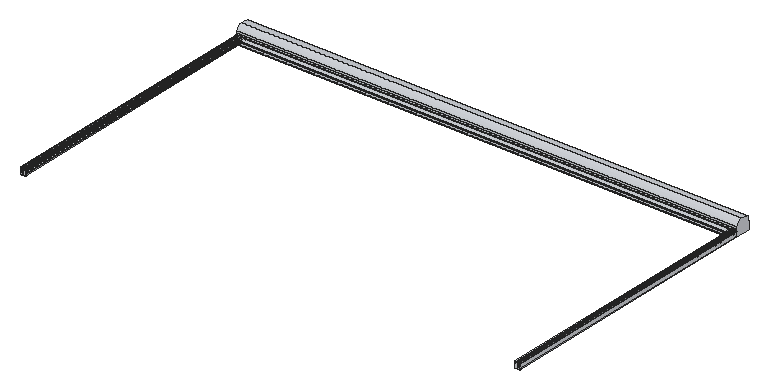
Revit family "StyRa® Zip Screen Z460", category Generic Models, host Face, Revit 2023
Family settings
  Host = Face
  Can host rebar = No
  Round Connector Dimension = Use Diameter
  Part Type = Normal
  Cut with Voids When Loaded = No
  Maintain Annotation Orientation = No
  Shared = No
  Room Calculation Point = No
Parameters (values of type "StyRa® Zip Screen Z460 Snäppskena")
  Öppet och Stängt Max [instance] = if(Öppet och Stängt > 3397 mm, 3397 mm, if(Öppet och Stängt < 50 mm, 50 mm, Öppet och Stängt))  # 50 mm
  Öppet och Stängt [instance] = 0 mm
  URL = "www.styrasolskydd.se"
  UK Kassett = 500 mm
  Tillverkare = "StyRa® & KD Solskydd AB"  # constant formula
  Telefon = "0586-401 20"  # constant formula
  Styrskena Screw [instance] = not(Styrskena Snap)  # no
  Styrskena Snap [instance] = yes
  Postadress = "693 33 Degerfors"  # constant formula
  Max Höjd [instance] = if(Höjd > 3500 mm, 3500 mm, if(Höjd < 100 mm, 100 mm, Höjd))  # 2000 mm
  Max Bredd [instance] = if(Bredd > 4000 mm, 4000 mm, if(Bredd < 100 mm, 100 mm, Bredd))  # 3500 mm
  Fronprofil Tung [instance] = not(Frontprofil Lätt)  # yes
  Frontprofil Lätt [instance] = no
  Kassett Round [instance] = not(Kassett Square)  # yes
  Kassett Square [instance] = no
  Höjd [instance] = 2000 mm
  E-post = "info@kdsolskydd.se"  # constant formula
  Default Elevation = 1219.2 mm
  Bredd [instance] = 3500 mm
  Adress = "Kranvägen 11"  # constant formula
Reference planes
  plane 1 "Center (Front/Back)": y = 0
  plane 2: z = 0
  plane 3 "Center (Left/Right)": x = 0
  plane 4 "Vänster Utsida": x = -1750
  plane 5 "Höger Utsida": x = 1750
  plane 6 "UK Kassett": y = 1897
  plane 7 "Öppet/Stängt": y = 1847
  plane 8: y = 0
  plane 9: y = 3800
  plane 10: x = -1713
  plane 11: x = 1713
  plane 12: x = 1713
  plane 13: z = 22.824
  plane 14: y = 2000
Forms (mm)
  Extrusion 1, solid
    sketch origin (0, 0, 17.824) x (1, 0, 0) y (0, 1, 0)
      loop
        line (-1723.903, 1847) -> (1723.779, 1847) -> (1723.779, 1897) -> (-1723.903, 1897) -> (-1723.903, 1847)
    from 4 to 5
Dimensions and locks
  equal spacing: plane 5 "Höger Utsida", plane 3 "Center (Left/Right)", plane 4 "Vänster Utsida"
  plane 5 "Höger Utsida" to plane 4 "Vänster Utsida" = 3500 mm
  "Max Bredd": plane 4 "Vänster Utsida" to plane 5 "Höger Utsida"
  equal spacing: plane 4 "Vänster Utsida", plane 3 "Center (Left/Right)", plane 5 "Höger Utsida"
  "Max Höjd": plane 14 to plane 1 "Center (Front/Back)"
  "Öppet och Stängt Max": plane 6 "UK Kassett" to plane 7 "Öppet/Stängt"
  plane 4 "Vänster Utsida" to plane 10 = 37 mm
  locked: plane 11 to plane 5 "Höger Utsida" at 37
  locked: plane 12 to plane 5 "Höger Utsida" at 37
  locked: plane 14 to plane 6 "UK Kassett" at 103
  aligned and locked: plane 2 to host face
  aligned and locked: level to host face
  aligned and locked: plane 5 "Höger Utsida" to nested 1
  aligned and locked: nested 1 to plane 4 "Vänster Utsida"
  aligned and locked: nested 1 to plane 6 "UK Kassett"
  aligned and locked: plane 5 "Höger Utsida" to nested 2
  aligned and locked: nested 2 to plane 4 "Vänster Utsida"
  aligned and locked: nested 2 to plane 6 "UK Kassett"
  aligned and locked: nested 5 to plane 6 "UK Kassett"  (x2)
  aligned and locked: nested 6 to plane 6 "UK Kassett"
  aligned and locked: plane 6 "UK Kassett" to nested 4
  aligned and locked: nested 6 to plane 5 "Höger Utsida"
  aligned and locked: nested 3 to plane 4 "Vänster Utsida"
  aligned and locked: plane 6 "UK Kassett" to nested 3  (x2)
  aligned and locked: nested 5 to plane 8
  aligned and locked: plane 8 to nested 3
  aligned and locked: nested 5 to plane 5 "Höger Utsida"
  aligned and locked: nested 8 to plane 7 "Öppet/Stängt"
  aligned and locked: nested 7 to plane 7 "Öppet/Stängt"
  aligned and locked: nested 4 to plane 10
  aligned and locked: plane 12 to nested 7
  aligned and locked: nested 8 to nested 4
  aligned and locked: plane 10 to nested 8
  aligned and locked: plane 10 to nested 7
  aligned and locked: plane 12 to nested 8
  aligned and locked: plane 14 to nested 2
  aligned and locked: nested 2 to plane 14
Automatic sketch dimensions
  host sketch curve to host sketch curve = 2438.4 mm  (x2)
  Extrusion 1 sketch curve to plane 7 "Öppet/Stängt" = 0 mm
  Extrusion 1 sketch curve to plane 6 "UK Kassett" = 0 mm
  plane 10 to Extrusion 1 sketch curve = 10.903 mm
  plane 11 to Extrusion 1 sketch curve = 10.779 mm
Nested families
  nested 1: "Kassett" at (0, 1897, 0), visible <- "Kassett Round", type "ZIP100 Basic"
    with Bredd 3500 mm
  nested 2: "Kassett" at (0, 1897, 0), visible <- "Kassett Square", type "ZIP100 Square"
    with Bredd 3500 mm
  nested 3: "Styrskena och Wire" at (-1712.83, 0, 0), visible <- "Styrskena Screw", type "ZIP Screw"
    with Styrkena Höjd 1897 mm
  nested 4: "Styrskena och Wire" at (-1713, 0, 0), visible <- "Styrskena Snap", type "ZIP Snap"
    with Styrkena Höjd 1897 mm
  nested 5: "Styrskena och Wire" at (1712.83, 0, 0) x (-1, 0, 0) z (0, 0, 1), visible <- "Styrskena Screw", type "ZIP Screw"
    with Styrkena Höjd 1897 mm
  nested 6: "Styrskena och Wire" at (1712.8, 0, 0) x (-1, 0, 0) z (0, 0, 1), visible <- "Styrskena Snap", type "ZIP Snap"
    with Styrkena Höjd 1897 mm
  nested 7: "Frontprofil" at (0, 1847, 8.274), visible <- "Fronprofil Tung", type "Tung Frontprofil"
    with Höjd Fronprofil 36 mm, Fronprofil Bredd 3426 mm
  nested 8: "Frontprofil" at (0, 1847, 7.671), visible <- "Frontprofil Lätt", type "Lätt Frontprofil"
    with Höjd Fronprofil 36 mm, Fronprofil Bredd 3426 mm
Definition of nested family "Kassett"
  Parameters (values of type "ZIP135 Square")
    Bredd [instance] = 2500 mm
    80Basic = no
    80Square = no
    Default Elevation = 1219.2 mm
    135Square = yes
    135Basic = no
    110/RSquare special = no
    100Square = no
    100Basic = no
  Types (7, lengths in mm): name | Bredd | 80Basic | 80Square | 135Square | 135Basic | 110/RSquare special | 100Square | 100Basic
    ZIP80 Square | 2000 | no | yes | no | no | no | no | no
    ZIP80 Basic | 2500 | yes | no | no | no | no | no | no
    ZIP100 Square | 2000 | no | no | no | no | no | yes | no
    ZIP100 Basic | 3000 | no | no | no | no | no | no | yes
    ZIP110/R | 2500 | no | no | no | no | yes | no | no
    ZIP135 Basic | 2500 | no | no | no | yes | no | no | no
    ZIP135 Square | 2500 | no | no | yes | no | no | no | no
  Reference planes
    plane 1 "Center (Front/Back)": y = 0
    plane 2: z = 0
    plane 3 "Center (Left/Right)": x = 0
    plane 4: y = 84
    plane 5: x = -1250
    plane 6: x = 1250
    plane 7 "Zip100 ÖK": y = 101
    plane 8 "ZIP 135 ÖK": y = 143
    plane 9 "ZIP 110/R ÖK": y = 145
  Forms (mm)
    Extrusion 1, solid
      sketch origin (0, 0, 0) x (1, 0, 0) y (0, 1, 0)
        loop
          line (-1219.2, 1219.2) -> (-1219.2, -1219.2) -> (1219.2, -1219.2) -> (1219.2, 1219.2) -> (-1219.2, 1219.2)
      from 0 to -304.8
    Extrusion 2, solid, visible <- "80Square"
      sketch origin (0, 0, 0) x (0, 1, 0) y (0, 0, 1)
        loop
          line (84, 0) -> (84, 81) -> (0, 81) -> (0, 0) -> (84, 0)
      from -1250 to 1250
    Extrusion 3, solid, visible <- "80Basic"
      sketch origin (0, -413.252, 720.368) x (0, 0, 1) y (0, -1, 0)
        loop
          arc (-680.168, -498.252) -> (-664.35, -497.835) -> (-648.575, -496.587) r 300.5
          arc (-648.575, -496.587) -> (-641.423, -482.309) -> (-639.368, -466.473) r 47.841
          arc (-639.368, -466.473) -> (-641.646, -444.557) -> (-651.534, -424.867) r 61.231
          spline (-651.534, -424.867) -> (-652.513, -423.961) -> (-653.611, -423.078) -> (-654.829, -422.219) -> (-656.168, -421.385) -> (-657.627, -420.574) -> (-659.206, -419.787) -> (-660.905, -419.023) -> (-662.724, -418.284) -> (-664.663, -417.568) -> (-666.722, -416.876) -> (-668.902, -416.208) -> (-671.201, -415.564)
          arc (-671.201, -415.564) -> (-674.234, -413.847) -> (-677.668, -413.252) r 10.2
          line (-677.668, -413.252) -> (-720.368, -413.252) -> (-720.368, -498.252) -> (-680.168, -498.252)
      from -1250 to 1250
    Extrusion 4, solid, visible <- "100Square"
      sketch origin (0, 17, 20) x (0, 1, 0) y (0, 0, 1)
        loop
          line (86, -20) -> (86, 81) -> (-17, 81) -> (-17, -20) -> (86, -20)
      from -1250 to 1250
    Extrusion 5, solid, visible <- "110/RSquare special"
      sketch origin (0, 59, 29) x (0, 1, 0) y (0, 0, 1)
        loop
          line (86, -29) -> (86, 81) -> (-59, 81) -> (-59, -29) -> (86, -29)
      from -1250 to 1250
    Extrusion 6, solid, visible <- "135Square"
      sketch origin (0, 57, 20) x (0, 1, 0) y (0, 0, 1)
        loop
          line (86, -20) -> (86, 110) -> (-57, 110) -> (-57, -20) -> (86, -20)
      from -1250 to 1250
    Extrusion 7, solid, visible <- "135Basic"
      sketch origin (0, -364.252, 720.368) x (0, 0, 1) y (0, -1, 0)
        loop
          arc (-664.557, -507.252) -> (-633.704, -506.11) -> (-603.019, -502.689) r 417.198
          arc (-603.019, -502.689) -> (-592.701, -462.707) -> (-588.411, -421.638) r 278.364
          arc (-588.411, -421.638) -> (-610.002, -389.088) -> (-642.603, -367.573) r 97.879
          arc (-642.603, -367.573) -> (-647.355, -367.49) -> (-652.107, -367.462) r 417.198
          arc (-652.107, -367.462) -> (-656.318, -365.079) -> (-661.086, -364.252) r 14.161
          line (-661.086, -364.252) -> (-720.368, -364.252) -> (-720.368, -507.252) -> (-664.557, -507.252)
      from -1250 to 1250
    Extrusion 8, solid, visible <- "100Square"
      sketch origin (0, 17, -9) x (0, 1, 0) y (0, 0, 1)
        loop
          line (86, 9) -> (86, 110) -> (-17, 110) -> (-17, 9) -> (86, 9)
      from -1250 to 1250
    Extrusion 9, solid, visible <- "100Basic"
      sketch origin (0, 1185.162, -1153.188) x (0, 1, 0) y (0, 0, 1)
        loop
          arc (-1082.161, 1193.388) -> (-1083.226, 1218.659) -> (-1086.412, 1243.75) r 300.5
          arc (-1086.412, 1243.75) -> (-1115.093, 1251.122) -> (-1144.548, 1254.19) r 200.5
          arc (-1144.548, 1254.19) -> (-1167.052, 1239.563) -> (-1182.46, 1217.586) r 70.5
          arc (-1182.46, 1217.586) -> (-1182.751, 1209.973) -> (-1182.85, 1202.355) r 300.5
          arc (-1182.85, 1202.355) -> (-1184.566, 1199.322) -> (-1185.162, 1195.888) r 10.2
          line (-1185.162, 1195.888) -> (-1185.162, 1153.188) -> (-1082.161, 1153.188) -> (-1082.161, 1193.388)
      from -1250 to 1250
  Dimensions and locks
    "Bredd": plane 5 to plane 6
    equal spacing: plane 5, plane 3 "Center (Left/Right)", plane 6
    aligned and locked: plane 2 to Extrusion 1
    aligned and locked: level to Extrusion 1
    aligned and locked: plane 4 to Extrusion 2
    aligned and locked: plane 5 to Extrusion 2
    aligned and locked: plane 6 to Extrusion 2
    aligned and locked: plane 1 "Center (Front/Back)" to Extrusion 2  (x2)
    aligned and locked: Extrusion 2 to level
    aligned and locked: Extrusion 3 to Extrusion 2  (x2)
    aligned and locked: Extrusion 4 to plane 6
    aligned and locked: plane 5 to Extrusion 4
    aligned and locked: plane 5 to Extrusion 5
    aligned and locked: Extrusion 5 to plane 6
    aligned and locked: Extrusion 6 to plane 6
    aligned and locked: plane 5 to Extrusion 6
    aligned and locked: plane 5 to Extrusion 7
    aligned and locked: Extrusion 7 to plane 6
    aligned and locked: Extrusion 8 to plane 6
    aligned and locked: plane 5 to Extrusion 8
    aligned and locked: plane 5 to Extrusion 9
    aligned and locked: Extrusion 9 to plane 6
  Automatic sketch dimensions
    Extrusion 1 sketch curve to Extrusion 1 sketch curve = 2438.4 mm  (x2)
    Extrusion 2 sketch curve to level = 0 mm
    Extrusion 2 sketch curve to plane 1 "Center (Front/Back)" = 0 mm
    Extrusion 2 sketch curve to plane 4 = 0 mm
    level to Extrusion 2 sketch curve = 81 mm
    Extrusion 3 sketch curve to level = 0 mm
    Extrusion 3 sketch curve to plane 1 "Center (Front/Back)" = 0 mm
    Extrusion 3 sketch curve to level = 19.952 mm
    Extrusion 3 sketch curve to Extrusion 3 sketch curve = 13.243 mm
    Extrusion 3 sketch curve to level = 40.2 mm
    plane 1 "Center (Front/Back)" to Extrusion 3 sketch curve = 10.2 mm
    Extrusion 3 sketch curve to level = 42.7 mm
    plane 1 "Center (Front/Back)" to Extrusion 3 sketch curve = 2.312 mm
    plane 1 "Center (Front/Back)" to Extrusion 3 sketch curve = 11.615 mm
    Extrusion 3 sketch curve to Extrusion 3 sketch curve = 19.667 mm
    Extrusion 3 sketch curve to plane 1 "Center (Front/Back)" = 215.5 mm
    plane 4 to Extrusion 3 sketch curve = 35.51 mm
    Extrusion 3 sketch curve to Extrusion 3 sketch curve = 6.579 mm
    Extrusion 3 sketch curve to plane 4 = 1 mm
    plane 4 to Extrusion 3 sketch curve = 0.665 mm
    Extrusion 4 sketch curve to level = 0 mm
    Extrusion 4 sketch curve to plane 1 "Center (Front/Back)" = 0 mm
    Extrusion 4 sketch curve to plane 7 "Zip100 ÖK" = 2 mm
    level to Extrusion 4 sketch curve = 101 mm
    Extrusion 5 sketch curve to level = 0 mm
    Extrusion 5 sketch curve to plane 1 "Center (Front/Back)" = 0 mm
    Extrusion 5 sketch curve to plane 9 "ZIP 110/R ÖK" = 0 mm
    level to Extrusion 5 sketch curve = 110 mm
    Extrusion 6 sketch curve to level = 0 mm
    Extrusion 6 sketch curve to plane 1 "Center (Front/Back)" = 0 mm
    Extrusion 6 sketch curve to plane 8 "ZIP 135 ÖK" = 0 mm
    level to Extrusion 6 sketch curve = 130 mm
    Extrusion 7 sketch curve to level = 0 mm
    Extrusion 7 sketch curve to plane 8 "ZIP 135 ÖK" = 0 mm
    Extrusion 7 sketch curve to plane 1 "Center (Front/Back)" = 0 mm
    plane 4 to Extrusion 7 sketch curve = 34.921 mm
    level to Extrusion 7 sketch curve = 146.283 mm
    Extrusion 7 sketch curve to plane 7 "Zip100 ÖK" = 6.873 mm
    Extrusion 7 sketch curve to level = 41.236 mm
    Extrusion 7 sketch curve to level = 55.812 mm
    Extrusion 7 sketch curve to Extrusion 7 sketch curve = 59.283 mm
    Extrusion 7 sketch curve to level = 68.161 mm
    Extrusion 7 sketch curve to plane 1 "Center (Front/Back)" = 274.198 mm
    plane 1 "Center (Front/Back)" to Extrusion 7 sketch curve = 14.161 mm
    plane 9 "ZIP 110/R ÖK" to Extrusion 7 sketch curve = 275.408 mm
    plane 1 "Center (Front/Back)" to Extrusion 7 sketch curve = 3.21 mm
    plane 1 "Center (Front/Back)" to Extrusion 7 sketch curve = 3.321 mm
    Extrusion 7 sketch curve to plane 8 "ZIP 135 ÖK" = 4.563 mm
    level to Extrusion 8 sketch curve = 0 mm
    plane 1 "Center (Front/Back)" to Extrusion 8 sketch curve = 0 mm
    Extrusion 8 sketch curve to Extrusion 8 sketch curve = 103 mm
    Extrusion 8 sketch curve to Extrusion 8 sketch curve = 101 mm
    plane 1 "Center (Front/Back)" to Extrusion 9 sketch curve = 197.5 mm
    level to Extrusion 9 sketch curve = 40.2 mm
    Extrusion 9 sketch curve to Extrusion 9 sketch curve = 4.25 mm
    Extrusion 9 sketch curve to Extrusion 9 sketch curve = 40.2 mm
    Extrusion 9 sketch curve to Extrusion 9 sketch curve = 103 mm
    Extrusion 9 sketch curve to Extrusion 9 sketch curve = 42.7 mm
    Extrusion 9 sketch curve to Extrusion 9 sketch curve = 34.63 mm
    Extrusion 9 sketch curve to Extrusion 9 sketch curve = 99.409 mm
    Extrusion 9 sketch curve to Extrusion 9 sketch curve = 58.136 mm
    Extrusion 9 sketch curve to Extrusion 9 sketch curve = 35.922 mm
    Extrusion 9 sketch curve to Extrusion 9 sketch curve = 4.543 mm
    Extrusion 9 sketch curve to Extrusion 9 sketch curve = 2.702 mm
    Extrusion 9 sketch curve to Extrusion 9 sketch curve = 10.2 mm
    Extrusion 9 sketch curve to Extrusion 9 sketch curve = 199.812 mm
    Extrusion 9 sketch curve to Extrusion 9 sketch curve = 8.895 mm
    Extrusion 9 sketch curve to Extrusion 9 sketch curve = 2.312 mm
Definition of nested family "Styrskena och Wire"
  Parameters (values of type "ZIP Screw")
    Styrkena Höjd [instance] = 3000 mm
    Default Elevation = 0 mm
    ZIP Snap = no
    ZIP Screw = yes
  Types (2, lengths in mm): name | ZIP Snap | ZIP Screw
    ZIP Screw | no | yes
    ZIP Snap | yes | no
  Reference planes
    plane 1 "Center (Front/Back)": y = 0
    plane 2: z = 0
    plane 3 "Center (Left/Right)": x = 0
    plane 4 "Topp Styrskena": y = 3000
    plane 5: y = 1500
    plane 6: y = 0
    plane 7: y = 2.5
  Forms (mm)
    Extrusion 1, solid
      sketch origin (0, 0, 0) x (1, 0, 0) y (0, 1, 0)
        loop
          line (-1219.2, 1219.2) -> (-1219.2, -1219.2) -> (1219.2, -1219.2) -> (1219.2, 1219.2) -> (-1219.2, 1219.2)
      from 0 to -304.8
    Extrusion 2, solid, not visible
      sketch origin (-57.376, 0, 84) x (0, 0, 1) y (-1, 0, 0)
        loop
          arc (17.746, -135.479) -> (17.419, -135.84) -> (17.3, -136.312) r 1
          line (17.3, -136.312) -> (17.3, -137.681)
          arc (17.3, -137.681) -> (17.797, -138.797) -> (18.96, -139.173) r 1.5
          arc (18.96, -139.173) -> (20.716, -138.945) -> (22.46, -138.64) r 40
          arc (22.46, -138.64) -> (24.032, -137.954) -> (25.172, -136.674) r 4
          line (25.172, -136.674) -> (27.808, -131.977)
          arc (27.808, -131.977) -> (28.04, -131.452) -> (28.167, -130.893) r 3
          arc (28.167, -130.893) -> (29.4, -111.7) -> (28.167, -92.507) r 150
          arc (28.167, -92.507) -> (28.04, -91.948) -> (27.808, -91.423) r 3
          line (27.808, -91.423) -> (25.172, -86.726)
          arc (25.172, -86.726) -> (24.032, -85.446) -> (22.46, -84.76) r 4
          arc (22.46, -84.76) -> (14.7, -84) -> (6.94, -84.76) r 40
          arc (6.94, -84.76) -> (5.368, -85.446) -> (4.228, -86.726) r 4
          line (4.228, -86.726) -> (1.592, -91.423)
          arc (1.592, -91.423) -> (1.36, -91.948) -> (1.233, -92.507) r 3
          arc (1.233, -92.507) -> (0, -111.7) -> (1.233, -130.893) r 150
          arc (1.233, -130.893) -> (1.36, -131.452) -> (1.592, -131.977) r 3
          line (1.592, -131.977) -> (4.228, -136.674)
          arc (4.228, -136.674) -> (5.368, -137.954) -> (6.94, -138.64) r 4
          arc (6.94, -138.64) -> (8.684, -138.945) -> (10.44, -139.173) r 40
          arc (10.44, -139.173) -> (11.603, -138.797) -> (12.1, -137.681) r 1.5
          line (12.1, -137.681) -> (12.1, -136.312)
          arc (12.1, -136.312) -> (11.981, -135.84) -> (11.654, -135.479) r 1
          arc (11.654, -135.479) -> (14.7, -125.4) -> (17.746, -135.479) r 5.5
      from -2000 to 0
    Extrusion 3, solid, not visible
      sketch origin (-176.699, 0, 216.305) x (-1, 0, 0) y (0, 0, -1)
        loop
          arc (-180.838, 125.477) -> (-181.495, 126.738) -> (-182.824, 127.244) r 2
          line (-182.824, 127.244) -> (-189.511, 127.244) -> (-189.511, 125.744) -> (-185.961, 125.744) -> (-185.961, 122.444)
          arc (-185.961, 122.444) -> (-186.254, 121.737) -> (-186.961, 121.444) r 1
          line (-186.961, 121.444) -> (-200.561, 121.444)
          arc (-200.561, 121.444) -> (-201.268, 121.737) -> (-201.561, 122.444) r 1
          line (-201.561, 122.444) -> (-201.561, 125.244)
          arc (-201.561, 125.244) -> (-201.415, 125.598) -> (-201.061, 125.744) r 0.5
          line (-201.061, 125.744) -> (-198.011, 125.744) -> (-198.011, 127.244) -> (-208.822, 127.244) -> (-215.461, 127.244)
          arc (-215.461, 127.244) -> (-216.875, 126.658) -> (-217.461, 125.244) r 2
          line (-217.461, 125.244) -> (-217.461, 82.194)
          arc (-217.461, 82.194) -> (-216.261, 82.994) -> (-215.061, 82.194) r 1.3
          line (-215.061, 82.194) -> (-215.061, 80.494) -> (-213.461, 82.894) -> (-213.461, 83.894)
          arc (-213.461, 83.894) -> (-213.608, 84.248) -> (-213.961, 84.394) r 0.5
          line (-213.961, 84.394) -> (-215.561, 84.394)
          arc (-215.561, 84.394) -> (-215.915, 84.54) -> (-216.061, 84.894) r 0.5
          line (-216.061, 84.894) -> (-216.061, 97.644)
          arc (-216.061, 97.644) -> (-215.915, 97.998) -> (-215.561, 98.144) r 0.5
          line (-215.561, 98.144) -> (-207.855, 98.144) -> (-202.661, 98.144) -> (-202.661, 90.244)
          arc (-202.661, 90.244) -> (-202.472, 89.395) -> (-201.941, 88.707) r 2
          arc (-201.941, 88.707) -> (-202.383, 87.923) -> (-201.496, 87.772) r 0.55
          arc (-201.496, 87.772) -> (-200.356, 88.244) -> (-199.218, 87.764) r 1.6
          line (-199.218, 87.764) -> (-198.623, 87.157)
          arc (-198.623, 87.157) -> (-198.409, 86.624) -> (-198.634, 86.096) r 0.75
          line (-198.634, 86.096) -> (-199.241, 85.501)
          arc (-199.241, 85.501) -> (-200.372, 85.044) -> (-201.496, 85.516) r 1.6
          arc (-201.496, 85.516) -> (-202.274, 85.519) -> (-202.276, 84.741) r 0.55
          arc (-202.276, 84.741) -> (-200.858, 83.99) -> (-199.264, 84.177) r 2.7
          arc (-199.264, 84.177) -> (-198.758, 84.118) -> (-198.539, 83.641) r 0.5
          arc (-198.539, 83.641) -> (-198.077, 82.039) -> (-196.561, 81.344) r 2
          line (-196.561, 81.344) -> (-186.271, 81.344)
          arc (-186.271, 81.344) -> (-186.113, 82.109) -> (-186.761, 82.544) r 0.7
          line (-186.761, 82.544) -> (-196.061, 82.544)
          arc (-196.061, 82.544) -> (-196.768, 82.837) -> (-197.061, 83.544) r 1
          line (-197.061, 83.544) -> (-197.061, 85.744)
          arc (-197.061, 85.744) -> (-196.768, 86.451) -> (-196.061, 86.744) r 1
          line (-196.061, 86.744) -> (-186.271, 86.744)
          arc (-186.271, 86.744) -> (-186.113, 87.509) -> (-186.761, 87.944) r 0.7
          line (-186.761, 87.944) -> (-197.186, 87.944) -> (-197.186, 88.865)
          arc (-197.186, 88.865) -> (-197.537, 89.425) -> (-198.161, 89.644) r 1
          line (-198.161, 89.644) -> (-200.261, 89.644)
          arc (-200.261, 89.644) -> (-200.968, 89.937) -> (-201.261, 90.644) r 1
          line (-201.261, 90.644) -> (-201.261, 106.63) -> (-201.261, 120.044) -> (-186.961, 120.044)
          arc (-186.961, 120.044) -> (-186.254, 119.751) -> (-185.961, 119.044) r 1
          line (-185.961, 119.044) -> (-185.961, 114.394)
          arc (-185.961, 114.394) -> (-186.108, 114.04) -> (-186.461, 113.894) r 0.5
          line (-186.461, 113.894) -> (-189.761, 113.894)
          arc (-189.761, 113.894) -> (-190.164, 113.69) -> (-190.238, 113.244) r 0.5
          arc (-190.238, 113.244) -> (-190.164, 112.798) -> (-189.761, 112.594) r 0.5
          line (-189.761, 112.594) -> (-181.261, 112.594)
          arc (-181.261, 112.594) -> (-180.645, 112.806) -> (-180.291, 113.353) r 1
          arc (-180.291, 113.353) -> (-180.348, 119.424) -> (-180.838, 125.477) r 85
      from 0 to 1000
    Extrusion 4, solid, not visible
      sketch origin (-259.865, 0, 232.637) x (-1, 0, 0) y (0, 0, -1)
        loop
          arc (-269.928, 112.108) -> (-269.574, 111.961) -> (-269.428, 111.608) r 0.5
          line (-269.428, 111.608) -> (-269.428, 105.708) -> (-279.528, 105.708)
          arc (-279.528, 105.708) -> (-279.931, 105.503) -> (-280.005, 105.058) r 0.5
          arc (-280.005, 105.058) -> (-279.931, 104.612) -> (-279.528, 104.408) r 0.5
          line (-279.528, 104.408) -> (-269.928, 104.408)
          arc (-269.928, 104.408) -> (-269.574, 104.261) -> (-269.428, 103.908) r 0.5
          line (-269.428, 103.908) -> (-269.428, 100.439) -> (-269.428, 96.999)
          arc (-269.428, 96.999) -> (-270.877, 97.055) -> (-272.017, 96.157) r 2.1
          arc (-272.017, 96.157) -> (-275.272, 96.106) -> (-278.528, 96.091) r 298.7
          arc (-278.528, 96.091) -> (-278.881, 96.237) -> (-279.028, 96.59) r 0.5
          arc (-279.028, 96.59) -> (-279.285, 97.027) -> (-279.793, 97.014) r 0.5
          line (-279.793, 97.014) -> (-281.246, 96.105)
          arc (-281.246, 96.105) -> (-290.192, 96.328) -> (-299.128, 96.818) r 298.7
          line (-299.128, 96.818) -> (-299.128, 98.232)
          arc (-299.128, 98.232) -> (-299.974, 98.329) -> (-300.428, 97.608) r 0.8
          line (-300.428, 97.608) -> (-300.428, 96.538)
          arc (-300.428, 96.538) -> (-300.159, 95.856) -> (-299.498, 95.54) r 1
          arc (-299.498, 95.54) -> (-282.903, 94.826) -> (-266.294, 95.032) r 300
          arc (-266.294, 95.032) -> (-264.988, 95.589) -> (-264.381, 96.872) r 2
          arc (-264.381, 96.872) -> (-263.911, 104.632) -> (-263.73, 112.403) r 209.706
          arc (-263.73, 112.403) -> (-264.021, 113.113) -> (-264.73, 113.408) r 1
          line (-264.73, 113.408) -> (-273.228, 113.408)
          arc (-273.228, 113.408) -> (-273.631, 113.203) -> (-273.705, 112.758) r 0.5
          arc (-273.705, 112.758) -> (-273.631, 112.312) -> (-273.228, 112.108) r 0.5
          line (-273.228, 112.108) -> (-269.928, 112.108)
      from 0 to 1000
    Extrusion 5, solid, visible <- "ZIP Snap"
      sketch origin (0, 0, 124.199) x (1, 0, 0) y (0, 0, 1)
        loop
          line (-9.05, -124.199) -> (-4.381, -124.199)
          arc (-4.381, -124.199) -> (-1.693, -123.162) -> (-0.4, -120.587) r 4
          arc (-0.4, -120.587) -> (-0.1, -116.473) -> (0, -112.349) r 85
          line (0, -112.349) -> (0, -110.349)
          arc (0, -110.349) -> (-0.293, -109.642) -> (-1, -109.349) r 1
          line (-1, -109.349) -> (-9.5, -109.349)
          arc (-9.5, -109.349) -> (-9.903, -109.554) -> (-9.977, -109.999) r 0.5
          arc (-9.977, -109.999) -> (-9.903, -110.445) -> (-9.5, -110.649) r 0.5
          line (-9.5, -110.649) -> (-6.7, -110.649)
          arc (-6.7, -110.649) -> (-5.993, -110.942) -> (-5.7, -111.649) r 1
          line (-5.7, -111.649) -> (-5.7, -115.999)
          arc (-5.7, -115.999) -> (-5.993, -116.706) -> (-6.7, -116.999) r 1
          line (-6.7, -116.999) -> (-20.6, -116.999)
          arc (-20.6, -116.999) -> (-21.095, -116.794) -> (-21.3, -116.299) r 0.7
          line (-21.3, -116.299) -> (-21.3, -86.452)
          arc (-21.3, -86.452) -> (-21.025, -85.764) -> (-20.352, -85.453) r 1
          line (-20.352, -85.453) -> (-11.673, -84.999)
          arc (-11.673, -84.999) -> (-11.2, -84.473) -> (-11.725, -84) r 0.5
          line (-11.725, -84) -> (-20.405, -84.455)
          arc (-20.405, -84.455) -> (-21.746, -85.071) -> (-22.3, -86.439) r 2
          line (-22.3, -86.439) -> (-22.495, -116.304)
          arc (-22.495, -116.304) -> (-22.702, -116.796) -> (-23.195, -116.999) r 0.7
          line (-23.195, -116.999) -> (-26.585, -116.999)
          arc (-26.585, -116.999) -> (-27.068, -117.079) -> (-27.5, -117.311) r 1.5
          arc (-27.5, -117.311) -> (-27.932, -117.079) -> (-28.415, -116.999) r 1.5
          line (-28.415, -116.999) -> (-34.9, -116.999)
          arc (-34.9, -116.999) -> (-35.607, -116.706) -> (-35.9, -115.999) r 1
          line (-35.9, -115.999) -> (-35.9, -97.499)
          arc (-35.9, -97.499) -> (-35.607, -96.792) -> (-34.9, -96.499) r 1
          line (-34.9, -96.499) -> (-32.53, -96.499) -> (-32.53, -94.802) -> (-34.727, -94.676)
          arc (-34.727, -94.676) -> (-35.037, -94.911) -> (-35.421, -94.853) r 0.5
          arc (-35.421, -94.853) -> (-35.772, -94.489) -> (-35.9, -93.999) r 1
          line (-35.9, -93.999) -> (-35.9, -92.699)
          arc (-35.9, -92.699) -> (-35.772, -92.21) -> (-35.421, -91.846) r 1
          line (-35.421, -91.846) -> (-31.8, -92.008) -> (-31.8, -87.723)
          arc (-31.8, -87.723) -> (-32.263, -85.806) -> (-33.55, -84.312) r 4.2
          arc (-33.55, -84.312) -> (-34.387, -84.449) -> (-34.25, -85.287) r 0.6
          arc (-34.25, -85.287) -> (-33.273, -86.472) -> (-33.011, -87.985) r 3
          arc (-33.011, -87.985) -> (-33.512, -89.536) -> (-35, -90.199) r 2
          line (-35, -90.199) -> (-36.2, -90.199)
          arc (-36.2, -90.199) -> (-36.907, -90.492) -> (-37.2, -91.199) r 1
          line (-37.2, -91.199) -> (-37.2, -120.199)
          arc (-37.2, -120.199) -> (-36.028, -123.028) -> (-33.2, -124.199) r 4
          line (-33.2, -124.199) -> (-28.415, -124.199)
          arc (-28.415, -124.199) -> (-27.932, -124.119) -> (-27.5, -123.888) r 1.5
          arc (-27.5, -123.888) -> (-27.068, -124.119) -> (-26.585, -124.199) r 1.5
          line (-26.585, -124.199) -> (-17.55, -124.199) -> (-17.55, -122.699) -> (-20.2, -122.699)
          arc (-20.2, -122.699) -> (-20.695, -122.494) -> (-20.9, -121.999) r 0.7
          line (-20.9, -121.999) -> (-20.9, -118.999)
          arc (-20.9, -118.999) -> (-20.695, -118.504) -> (-20.2, -118.299) r 0.7
          line (-20.2, -118.299) -> (-6.4, -118.299)
          arc (-6.4, -118.299) -> (-5.905, -118.504) -> (-5.7, -118.999) r 0.7
          line (-5.7, -118.999) -> (-5.7, -121.999)
          arc (-5.7, -121.999) -> (-5.905, -122.494) -> (-6.4, -122.699) r 0.7
          line (-6.4, -122.699) -> (-9.05, -122.699) -> (-9.05, -124.199)
      from -3000 to -2.5
    Extrusion 6, solid, visible <- "ZIP Snap"
      sketch origin (74.851, 0, 140.393) x (1, 0, 0) y (0, 0, 1)
        loop
          arc (-109.847, -101.412) -> (-109.739, -100.514) -> (-108.952, -100.07) r 1
          arc (-108.952, -100.07) -> (-97.638, -99.765) -> (-86.321, -99.848) r 328.7
          line (-86.321, -99.848) -> (-86.321, -101.31)
          arc (-86.321, -101.31) -> (-87.128, -101.473) -> (-87.946, -101.57) r 10
          arc (-87.946, -101.57) -> (-88.221, -101.835) -> (-88.013, -102.155) r 0.3
          arc (-88.013, -102.155) -> (-87.167, -102.373) -> (-86.302, -102.497) r 8
          arc (-86.302, -102.497) -> (-85.863, -102.41) -> (-85.539, -102.1) r 0.8
          line (-85.539, -102.1) -> (-85.048, -101.25)
          arc (-85.048, -101.25) -> (-84.682, -100.884) -> (-84.182, -100.75) r 1
          line (-84.182, -100.75) -> (-81.821, -100.75)
          arc (-81.821, -100.75) -> (-81.114, -101.043) -> (-80.821, -101.75) r 1
          line (-80.821, -101.75) -> (-80.821, -107.45)
          arc (-80.821, -107.45) -> (-81.114, -108.157) -> (-81.821, -108.45) r 1
          line (-81.821, -108.45) -> (-84.621, -108.45)
          arc (-84.621, -108.45) -> (-85.024, -108.654) -> (-85.098, -109.1) r 0.5
          arc (-85.098, -109.1) -> (-85.024, -109.546) -> (-84.621, -109.75) r 0.5
          line (-84.621, -109.75) -> (-82.408, -109.75)
          arc (-82.408, -109.75) -> (-79.55, -109.545) -> (-76.752, -108.934) r 20
          line (-76.752, -108.934) -> (-75.847, -108.667)
          arc (-75.847, -108.667) -> (-75.324, -108.299) -> (-75.13, -107.69) r 1
          arc (-75.13, -107.69) -> (-75.298, -104.14) -> (-75.676, -100.605) r 60
          arc (-75.676, -100.605) -> (-76.305, -99.404) -> (-77.556, -98.879) r 2
          arc (-77.556, -98.879) -> (-93.855, -98.449) -> (-110.155, -98.825) r 330
          arc (-110.155, -98.825) -> (-110.831, -99.133) -> (-111.108, -99.823) r 1
          line (-111.108, -99.823) -> (-111.108, -104.871)
          arc (-111.108, -104.871) -> (-110.01, -105.867) -> (-109.127, -104.678) r 1
          arc (-109.127, -104.678) -> (-109.129, -103.987) -> (-109.289, -103.315) r 3
          line (-109.289, -103.315) -> (-109.966, -101.455)
      from -3000 to -2.5
    Extrusion 7, solid, visible <- "ZIP Screw"
      sketch origin (180.291, 0, 127.244) x (1, 0, 0) y (0, 0, 1)
        loop
          arc (-180.838, -125.477) -> (-180.348, -119.424) -> (-180.291, -113.353) r 85
          arc (-180.291, -113.353) -> (-180.645, -112.806) -> (-181.261, -112.594) r 1
          line (-181.261, -112.594) -> (-189.761, -112.594)
          arc (-189.761, -112.594) -> (-190.164, -112.798) -> (-190.238, -113.244) r 0.5
          arc (-190.238, -113.244) -> (-190.164, -113.69) -> (-189.761, -113.894) r 0.5
          line (-189.761, -113.894) -> (-186.461, -113.894)
          arc (-186.461, -113.894) -> (-186.108, -114.04) -> (-185.961, -114.394) r 0.5
          line (-185.961, -114.394) -> (-185.961, -119.044)
          arc (-185.961, -119.044) -> (-186.254, -119.751) -> (-186.961, -120.044) r 1
          line (-186.961, -120.044) -> (-201.261, -120.044) -> (-201.261, -106.63) -> (-201.261, -90.644)
          arc (-201.261, -90.644) -> (-200.968, -89.937) -> (-200.261, -89.644) r 1
          line (-200.261, -89.644) -> (-198.161, -89.644)
          arc (-198.161, -89.644) -> (-197.537, -89.425) -> (-197.186, -88.865) r 1
          line (-197.186, -88.865) -> (-197.186, -87.944) -> (-186.761, -87.944)
          arc (-186.761, -87.944) -> (-186.113, -87.509) -> (-186.271, -86.744) r 0.7
          line (-186.271, -86.744) -> (-196.061, -86.744)
          arc (-196.061, -86.744) -> (-196.768, -86.451) -> (-197.061, -85.744) r 1
          line (-197.061, -85.744) -> (-197.061, -83.544)
          arc (-197.061, -83.544) -> (-196.768, -82.837) -> (-196.061, -82.544) r 1
          line (-196.061, -82.544) -> (-186.761, -82.544)
          arc (-186.761, -82.544) -> (-186.113, -82.109) -> (-186.271, -81.344) r 0.7
          line (-186.271, -81.344) -> (-196.561, -81.344)
          arc (-196.561, -81.344) -> (-198.077, -82.039) -> (-198.539, -83.641) r 2
          arc (-198.539, -83.641) -> (-198.758, -84.118) -> (-199.264, -84.177) r 0.5
          arc (-199.264, -84.177) -> (-200.858, -83.99) -> (-202.276, -84.741) r 2.7
          arc (-202.276, -84.741) -> (-202.274, -85.519) -> (-201.496, -85.516) r 0.55
          arc (-201.496, -85.516) -> (-200.372, -85.044) -> (-199.241, -85.501) r 1.6
          line (-199.241, -85.501) -> (-198.634, -86.096)
          arc (-198.634, -86.096) -> (-198.409, -86.624) -> (-198.623, -87.157) r 0.75
          line (-198.623, -87.157) -> (-199.218, -87.764)
          arc (-199.218, -87.764) -> (-200.356, -88.244) -> (-201.496, -87.772) r 1.6
          arc (-201.496, -87.772) -> (-202.383, -87.923) -> (-201.941, -88.707) r 0.55
          arc (-201.941, -88.707) -> (-202.472, -89.395) -> (-202.661, -90.244) r 2
          line (-202.661, -90.244) -> (-202.661, -98.144) -> (-207.855, -98.144) -> (-215.561, -98.144)
          arc (-215.561, -98.144) -> (-215.915, -97.998) -> (-216.061, -97.644) r 0.5
          line (-216.061, -97.644) -> (-216.061, -84.894)
          arc (-216.061, -84.894) -> (-215.915, -84.54) -> (-215.561, -84.394) r 0.5
          line (-215.561, -84.394) -> (-213.961, -84.394)
          arc (-213.961, -84.394) -> (-213.608, -84.248) -> (-213.461, -83.894) r 0.5
          line (-213.461, -83.894) -> (-213.461, -82.894) -> (-215.061, -80.494) -> (-215.061, -82.194)
          arc (-215.061, -82.194) -> (-216.261, -82.994) -> (-217.461, -82.194) r 1.3
          line (-217.461, -82.194) -> (-217.461, -125.244)
          arc (-217.461, -125.244) -> (-216.875, -126.658) -> (-215.461, -127.244) r 2
          line (-215.461, -127.244) -> (-208.822, -127.244) -> (-198.011, -127.244) -> (-198.011, -125.744) -> (-201.061, -125.744)
          arc (-201.061, -125.744) -> (-201.415, -125.598) -> (-201.561, -125.244) r 0.5
          line (-201.561, -125.244) -> (-201.561, -122.444)
          arc (-201.561, -122.444) -> (-201.268, -121.737) -> (-200.561, -121.444) r 1
          line (-200.561, -121.444) -> (-186.961, -121.444)
          arc (-186.961, -121.444) -> (-186.254, -121.737) -> (-185.961, -122.444) r 1
          line (-185.961, -122.444) -> (-185.961, -125.744) -> (-189.511, -125.744) -> (-189.511, -127.244) -> (-182.824, -127.244)
          arc (-182.824, -127.244) -> (-181.495, -126.738) -> (-180.838, -125.477) r 2
      from -3000 to -2.5
    Extrusion 8, solid, visible <- "ZIP Screw"
      sketch origin (263.457, 0, 143.576) x (1, 0, 0) y (0, 0, 1)
        loop
          line (-269.928, -112.108) -> (-273.228, -112.108)
          arc (-273.228, -112.108) -> (-273.631, -112.312) -> (-273.705, -112.758) r 0.5
          arc (-273.705, -112.758) -> (-273.631, -113.203) -> (-273.228, -113.408) r 0.5
          line (-273.228, -113.408) -> (-264.73, -113.408)
          arc (-264.73, -113.408) -> (-264.021, -113.113) -> (-263.73, -112.403) r 1
          arc (-263.73, -112.403) -> (-263.911, -104.632) -> (-264.381, -96.872) r 209.706
          arc (-264.381, -96.872) -> (-264.988, -95.589) -> (-266.294, -95.032) r 2
          arc (-266.294, -95.032) -> (-282.903, -94.826) -> (-299.498, -95.54) r 300
          arc (-299.498, -95.54) -> (-300.159, -95.856) -> (-300.428, -96.538) r 1
          line (-300.428, -96.538) -> (-300.428, -97.608)
          arc (-300.428, -97.608) -> (-299.974, -98.329) -> (-299.128, -98.232) r 0.8
          line (-299.128, -98.232) -> (-299.128, -96.818)
          arc (-299.128, -96.818) -> (-290.192, -96.328) -> (-281.246, -96.105) r 298.7
          line (-281.246, -96.105) -> (-279.793, -97.014)
          arc (-279.793, -97.014) -> (-279.285, -97.027) -> (-279.028, -96.59) r 0.5
          arc (-279.028, -96.59) -> (-278.881, -96.237) -> (-278.528, -96.091) r 0.5
          arc (-278.528, -96.091) -> (-275.272, -96.106) -> (-272.017, -96.157) r 298.7
          arc (-272.017, -96.157) -> (-270.877, -97.055) -> (-269.428, -96.999) r 2.1
          line (-269.428, -96.999) -> (-269.428, -100.439) -> (-269.428, -103.908)
          arc (-269.428, -103.908) -> (-269.574, -104.261) -> (-269.928, -104.408) r 0.5
          line (-269.928, -104.408) -> (-279.528, -104.408)
          arc (-279.528, -104.408) -> (-279.931, -104.612) -> (-280.005, -105.058) r 0.5
          arc (-280.005, -105.058) -> (-279.931, -105.503) -> (-279.528, -105.708) r 0.5
          line (-279.528, -105.708) -> (-269.428, -105.708) -> (-269.428, -111.608)
          arc (-269.428, -111.608) -> (-269.574, -111.961) -> (-269.928, -112.108) r 0.5
      from -3000 to -2.5
    Extrusion 9, solid, visible <- "ZIP Screw"
      sketch origin (0, 0, 0) x (1, 0, 0) y (0, 0, 1)
        loop
          arc (-37.17, 2) -> (-36.585, 0.586) -> (-35.17, 0) r 2
          line (-35.17, 0) -> (-2.533, 0)
          arc (-2.533, 0) -> (-1.204, 0.506) -> (-0.547, 1.767) r 2
          arc (-0.547, 1.767) -> (0.029, 11.332) -> (-0.475, 20.901) r 85
          arc (-0.475, 20.901) -> (-0.302, 33.809) -> (-0.923, 46.703) r 209.706
          arc (-0.923, 46.703) -> (-1.531, 47.987) -> (-2.837, 48.544) r 2
          arc (-2.837, 48.544) -> (-20.012, 48.74) -> (-37.17, 47.953) r 300
          line (-37.17, 47.953) -> (-37.17, 2)
      from -2.5 to 0
    Extrusion 10, solid, visible <- "ZIP Snap"
      sketch origin (0, 0, 0) x (1, 0, 0) y (0, 0, 1)
        loop
          arc (-37.192, 3.998) -> (-36.022, 1.173) -> (-33.196, 0.002) r 3.996
          line (-33.196, 0.002) -> (-4.381, 0.002)
          arc (-4.381, 0.002) -> (-1.694, 1.04) -> (-0.401, 3.614) r 3.999
          arc (-0.401, 3.614) -> (-0.019, 13.593) -> (-0.81, 23.549) r 84.999
          arc (-0.81, 23.549) -> (-0.261, 31.674) -> (-0.817, 39.798) r 60.005
          arc (-0.817, 39.798) -> (-1.448, 41.009) -> (-2.708, 41.538) r 2.012
          arc (-2.708, 41.538) -> (-19.009, 41.968) -> (-35.312, 41.593) r 330.012
          arc (-35.312, 41.593) -> (-35.982, 41.287) -> (-36.255, 40.604) r 0.99
          arc (-36.255, 40.604) -> (-36.957, 36.815) -> (-37.192, 32.969) r 31.579
          line (-37.192, 32.969) -> (-37.192, 3.998)
      from -2.5 to 0
  Lines and regions (mm)
    reference lines, not visible
      curve 1: line (26.624, 0, 98.7) -> (26.624, 0, 131.298)
  Dimensions and locks
    "Styrkena Höjd": plane 4 "Topp Styrskena" to plane 1 "Center (Front/Back)"
    equal spacing: plane 1 "Center (Front/Back)", plane 5, plane 4 "Topp Styrskena"
    plane 1 "Center (Front/Back)" to plane 6 = 0 mm
    aligned and locked: plane 2 to Extrusion 1
    aligned and locked: level to Extrusion 1
    aligned and locked: plane 4 "Topp Styrskena" to Extrusion 6
    aligned and locked: plane 4 "Topp Styrskena" to Extrusion 5
    aligned and locked: plane 4 "Topp Styrskena" to Extrusion 8
    aligned and locked: plane 4 "Topp Styrskena" to Extrusion 7
    aligned and locked: plane 7 to Extrusion 10
    aligned and locked: Extrusion 6 to plane 7
    aligned and locked: Extrusion 5 to plane 7
    aligned and locked: plane 1 "Center (Front/Back)" to Extrusion 10
    aligned and locked: Extrusion 10 to Extrusion 5
    aligned and locked: Extrusion 7 to Extrusion 8
    aligned and locked: plane 7 to Extrusion 9
    aligned and locked: Extrusion 9 to plane 6
  Automatic sketch dimensions
    curve 1 to curve 1 = 32.598 mm
    Extrusion 3 sketch curve to Extrusion 3 sketch curve = 0 mm  (x18)
    Extrusion 3 sketch curve to Extrusion 3 sketch curve = 47.8 mm
    Extrusion 3 sketch curve to Extrusion 3 sketch curve = 1.2 mm  (x3)
    Extrusion 3 sketch curve to Extrusion 3 sketch curve = 1.4 mm  (x3)
    Extrusion 3 sketch curve to Extrusion 3 sketch curve = 0.5 mm  (x13)
    Extrusion 3 sketch curve to Extrusion 3 sketch curve = 2 mm  (x2)
    Extrusion 3 sketch curve to Extrusion 3 sketch curve = 1.6 mm
    Extrusion 3 sketch curve to Extrusion 3 sketch curve = 6.639 mm
    Extrusion 3 sketch curve to Extrusion 3 sketch curve = 7.707 mm
    Extrusion 3 sketch curve to Extrusion 3 sketch curve = 5.193 mm
    Extrusion 3 sketch curve to Extrusion 3 sketch curve = 0.775 mm
    Extrusion 3 sketch curve to Extrusion 3 sketch curve = 7.261 mm
    Extrusion 3 sketch curve to Extrusion 3 sketch curve = 0.6 mm
    Extrusion 3 sketch curve to Extrusion 3 sketch curve = 1 mm  (x5)
    Extrusion 3 sketch curve to Extrusion 3 sketch curve = 1.525 mm
    Extrusion 3 sketch curve to Extrusion 3 sketch curve = 0.4 mm  (x2)
    Extrusion 3 sketch curve to Extrusion 3 sketch curve = 1.12 mm
    Extrusion 3 sketch curve to Extrusion 3 sketch curve = 1.143 mm
    Extrusion 3 sketch curve to Extrusion 3 sketch curve = 0.059 mm
    Extrusion 3 sketch curve to Extrusion 3 sketch curve = 0.18 mm
    Extrusion 3 sketch curve to Extrusion 3 sketch curve = 0.525 mm
    Extrusion 3 sketch curve to Extrusion 3 sketch curve = 0.536 mm  (x2)
    Extrusion 3 sketch curve to Extrusion 3 sketch curve = 2.1 mm
    Extrusion 3 sketch curve to Extrusion 3 sketch curve = 3.05 mm
    Extrusion 3 sketch curve to Extrusion 3 sketch curve = 0.975 mm
    Extrusion 3 sketch curve to Extrusion 3 sketch curve = 1.573 mm
    Extrusion 3 sketch curve to Extrusion 3 sketch curve = 11.5 mm
    Extrusion 3 sketch curve to Extrusion 3 sketch curve = 8.5 mm
    Extrusion 3 sketch curve to Extrusion 3 sketch curve = 2.55 mm
    Extrusion 3 sketch curve to Extrusion 3 sketch curve = 9.3 mm
    Extrusion 3 sketch curve to Extrusion 3 sketch curve = 3.3 mm
    Extrusion 3 sketch curve to Extrusion 3 sketch curve = 0.49 mm  (x2)
    Extrusion 3 sketch curve to Extrusion 3 sketch curve = 3.137 mm
    Extrusion 3 sketch curve to Extrusion 3 sketch curve = 4.7 mm
    Extrusion 3 sketch curve to Extrusion 3 sketch curve = 0.85 mm
    Extrusion 3 sketch curve to Extrusion 3 sketch curve = 0.7 mm  (x2)
    Extrusion 3 sketch curve to Extrusion 3 sketch curve = 0.2 mm
    Extrusion 3 sketch curve to Extrusion 3 sketch curve = 0.176 mm
    Extrusion 3 sketch curve to Extrusion 3 sketch curve = 1.408 mm
    Extrusion 3 sketch curve to Extrusion 3 sketch curve = 1.781 mm
    Extrusion 3 sketch curve to Extrusion 3 sketch curve = 0.243 mm
    Extrusion 3 sketch curve to Extrusion 3 sketch curve = 0.595 mm
    Extrusion 3 sketch curve to Extrusion 3 sketch curve = 0.012 mm
    Extrusion 3 sketch curve to Extrusion 3 sketch curve = 0.607 mm
    Extrusion 3 sketch curve to Extrusion 3 sketch curve = 1.516 mm
    Extrusion 3 sketch curve to Extrusion 3 sketch curve = 0.921 mm
    Extrusion 3 sketch curve to Extrusion 3 sketch curve = 12.75 mm
    Extrusion 3 sketch curve to Extrusion 3 sketch curve = 8.486 mm
    Extrusion 3 sketch curve to Extrusion 3 sketch curve = 5.964 mm
    Extrusion 3 sketch curve to Extrusion 3 sketch curve = 0.3 mm
    Extrusion 3 sketch curve to Extrusion 3 sketch curve = 17.95 mm
    Extrusion 3 sketch curve to Extrusion 3 sketch curve = 4.65 mm
    Extrusion 3 sketch curve to Extrusion 3 sketch curve = 2.8 mm  (x2)
    Extrusion 3 sketch curve to Extrusion 3 sketch curve = 0.39 mm
    Extrusion 3 sketch curve to Extrusion 3 sketch curve = 0.055 mm
    Extrusion 3 sketch curve to Extrusion 3 sketch curve = 0.494 mm
    Extrusion 3 sketch curve to Extrusion 3 sketch curve = 0.028 mm
    Extrusion 4 sketch curve to Extrusion 4 sketch curve = 0 mm  (x17)
    Extrusion 4 sketch curve to Extrusion 4 sketch curve = 173.006 mm
    Extrusion 4 sketch curve to Extrusion 4 sketch curve = 0.8 mm
    Extrusion 4 sketch curve to Extrusion 4 sketch curve = 1 mm  (x3)
    Extrusion 4 sketch curve to Extrusion 4 sketch curve = 0.3 mm  (x3)
    Extrusion 4 sketch curve to Extrusion 4 sketch curve = 17.881 mm
    Extrusion 4 sketch curve to Extrusion 4 sketch curve = 1.454 mm
    Extrusion 4 sketch curve to Extrusion 4 sketch curve = 0.265 mm  (x2)
    Extrusion 4 sketch curve to Extrusion 4 sketch curve = 6.3 mm
    Extrusion 4 sketch curve to Extrusion 4 sketch curve = 8.3 mm
    Extrusion 4 sketch curve to Extrusion 4 sketch curve = 3.3 mm  (x2)
    Extrusion 4 sketch curve to Extrusion 4 sketch curve = 0.5 mm  (x5)
    Extrusion 4 sketch curve to Extrusion 4 sketch curve = 3.053 mm
    Extrusion 4 sketch curve to Extrusion 4 sketch curve = 4.698 mm
    Extrusion 4 sketch curve to Extrusion 4 sketch curve = 5.9 mm
    Extrusion 4 sketch curve to Extrusion 4 sketch curve = 1.3 mm
    Extrusion 4 sketch curve to Extrusion 4 sketch curve = 3.468 mm
    Extrusion 4 sketch curve to Extrusion 4 sketch curve = 6.826 mm
    Extrusion 4 sketch curve to Extrusion 4 sketch curve = 3.409 mm
    Extrusion 4 sketch curve to Extrusion 4 sketch curve = 7.394 mm
    Extrusion 4 sketch curve to Extrusion 4 sketch curve = 0.031 mm
    Extrusion 4 sketch curve to Extrusion 4 sketch curve = 0.79 mm
    Extrusion 4 sketch curve to Extrusion 4 sketch curve = 0.423 mm
    Extrusion 4 sketch curve to Extrusion 4 sketch curve = 0.424 mm
    Extrusion 4 sketch curve to Extrusion 4 sketch curve = 1.07 mm
    Extrusion 4 sketch curve to Extrusion 4 sketch curve = 1.942 mm
    Extrusion 4 sketch curve to Extrusion 4 sketch curve = 1.789 mm
    Extrusion 4 sketch curve to Extrusion 4 sketch curve = 5.08 mm
    Extrusion 4 sketch curve to Extrusion 4 sketch curve = 0.908 mm
    Extrusion 4 sketch curve to Extrusion 4 sketch curve = 15.8 mm
    Extrusion 1 sketch curve to Extrusion 1 sketch curve = 2438.4 mm  (x2)
    Extrusion 5 sketch curve to Extrusion 5 sketch curve = 0 mm  (x8)
    Extrusion 5 sketch curve to level = 0 mm  (x3)
    Extrusion 5 sketch curve to plane 3 "Center (Left/Right)" = 0 mm
    Extrusion 5 sketch curve to plane 3 "Center (Left/Right)" = 1 mm
    Extrusion 5 sketch curve to plane 3 "Center (Left/Right)" = 4.381 mm
    Extrusion 5 sketch curve to Extrusion 5 sketch curve = 1.319 mm  (x2)
    Extrusion 5 sketch curve to Extrusion 5 sketch curve = 0.7 mm  (x5)
    Extrusion 5 sketch curve to Extrusion 5 sketch curve = 1 mm  (x5)
    Extrusion 5 sketch curve to Extrusion 5 sketch curve = 2.65 mm  (x2)
    Extrusion 5 sketch curve to Extrusion 5 sketch curve = 2.8 mm
    Extrusion 5 sketch curve to plane 3 "Center (Left/Right)" = 11.673 mm
    Extrusion 5 sketch curve to Extrusion 5 sketch curve = 0.026 mm  (x2)
    level to Extrusion 5 sketch curve = 1.5 mm  (x4)
    Extrusion 5 sketch curve to Extrusion 5 sketch curve = 8.5 mm
    Extrusion 5 sketch curve to Extrusion 5 sketch curve = 8.627 mm
    Extrusion 5 sketch curve to Extrusion 5 sketch curve = 0.052 mm  (x2)
    Extrusion 5 sketch curve to Extrusion 5 sketch curve = 0.4 mm
    level to Extrusion 5 sketch curve = 7.895 mm
    Extrusion 5 sketch curve to Extrusion 5 sketch curve = 1.195 mm
    Extrusion 5 sketch curve to Extrusion 5 sketch curve = 5.685 mm
    Extrusion 5 sketch curve to Extrusion 5 sketch curve = 3.389 mm
    Extrusion 5 sketch curve to Extrusion 5 sketch curve = 1.83 mm  (x2)
    Extrusion 5 sketch curve to Extrusion 5 sketch curve = 9.5 mm
    Extrusion 5 sketch curve to Extrusion 5 sketch curve = 0.73 mm
    Extrusion 5 sketch curve to Extrusion 5 sketch curve = 4.785 mm
    Extrusion 5 sketch curve to Extrusion 5 sketch curve = 2.1 mm
    Extrusion 5 sketch curve to Extrusion 5 sketch curve = 2.198 mm
    Extrusion 5 sketch curve to Extrusion 5 sketch curve = 1.7 mm
    Extrusion 5 sketch curve to Extrusion 5 sketch curve = 0.173 mm  (x3)
    Extrusion 5 sketch curve to Extrusion 5 sketch curve = 3.2 mm
    Extrusion 5 sketch curve to Extrusion 5 sketch curve = 0.433 mm
    Extrusion 5 sketch curve to Extrusion 5 sketch curve = 0.521 mm
    Extrusion 5 sketch curve to Extrusion 5 sketch curve = 0.739 mm
    Extrusion 5 sketch curve to Extrusion 5 sketch curve = 0.779 mm
    Extrusion 5 sketch curve to Extrusion 5 sketch curve = 2.3 mm
    level to Extrusion 5 sketch curve = 11.85 mm
    Extrusion 5 sketch curve to Extrusion 5 sketch curve = 47.8 mm
    Extrusion 5 sketch curve to Extrusion 5 sketch curve = 1.8 mm
    Extrusion 5 sketch curve to Extrusion 5 sketch curve = 1.2 mm
    Extrusion 5 sketch curve to Extrusion 5 sketch curve = 4.2 mm
    Extrusion 5 sketch curve to Extrusion 5 sketch curve = 1.3 mm  (x2)
    Extrusion 5 sketch curve to Extrusion 5 sketch curve = 1.5 mm
    Extrusion 5 sketch curve to Extrusion 5 sketch curve = 0.695 mm
    Extrusion 5 sketch curve to Extrusion 5 sketch curve = 4.35 mm
    Extrusion 5 sketch curve to Extrusion 5 sketch curve = 2 mm  (x2)
    Extrusion 5 sketch curve to Extrusion 5 sketch curve = 0.5 mm
    Extrusion 5 sketch curve to Extrusion 5 sketch curve = 0.3 mm
    Extrusion 5 sketch curve to Extrusion 5 sketch curve = 18.5 mm
    Extrusion 5 sketch curve to Extrusion 5 sketch curve = 1.697 mm
    Extrusion 5 sketch curve to Extrusion 5 sketch curve = 1.823 mm
    Extrusion 5 sketch curve to Extrusion 5 sketch curve = 0.25 mm
    Extrusion 5 sketch curve to Extrusion 5 sketch curve = 0.427 mm
    Extrusion 5 sketch curve to Extrusion 5 sketch curve = 2.794 mm
    Extrusion 5 sketch curve to Extrusion 5 sketch curve = 0.646 mm
    Extrusion 5 sketch curve to Extrusion 5 sketch curve = 0.476 mm
    Extrusion 5 sketch curve to Extrusion 5 sketch curve = 1.271 mm
    Extrusion 5 sketch curve to Extrusion 5 sketch curve = 0.013 mm
    Extrusion 5 sketch curve to Extrusion 5 sketch curve = 0.455 mm
    Extrusion 5 sketch curve to Extrusion 5 sketch curve = 3.4 mm
    Extrusion 5 sketch curve to Extrusion 5 sketch curve = 0.499 mm
    Extrusion 5 sketch curve to Extrusion 5 sketch curve = 1.211 mm
    Extrusion 6 sketch curve to Extrusion 6 sketch curve = 0 mm  (x8)
    level to Extrusion 6 sketch curve = 31.643 mm
    Extrusion 6 sketch curve to plane 3 "Center (Left/Right)" = 60.27 mm
    Extrusion 6 sketch curve to Extrusion 6 sketch curve = 23.013 mm
    Extrusion 6 sketch curve to Extrusion 6 sketch curve = 1 mm  (x5)
    Extrusion 6 sketch curve to Extrusion 6 sketch curve = 0.819 mm
    Extrusion 6 sketch curve to Extrusion 6 sketch curve = 1.2 mm
    Extrusion 6 sketch curve to plane 3 "Center (Left/Right)" = 19.559 mm
    Extrusion 6 sketch curve to plane 3 "Center (Left/Right)" = 13.859 mm
    Extrusion 6 sketch curve to Extrusion 6 sketch curve = 0.788 mm
    Extrusion 6 sketch curve to Extrusion 6 sketch curve = 1.602 mm
    Extrusion 6 sketch curve to Extrusion 6 sketch curve = 0.089 mm
    Extrusion 6 sketch curve to Extrusion 6 sketch curve = 3.111 mm
    Extrusion 6 sketch curve to Extrusion 6 sketch curve = 0.693 mm
    Extrusion 6 sketch curve to Extrusion 6 sketch curve = 0.491 mm
    Extrusion 6 sketch curve to Extrusion 6 sketch curve = 0.918 mm
    Extrusion 6 sketch curve to Extrusion 6 sketch curve = 0.866 mm
    Extrusion 6 sketch curve to Extrusion 6 sketch curve = 2.213 mm
    Extrusion 6 sketch curve to Extrusion 6 sketch curve = 0.587 mm
    Extrusion 6 sketch curve to Extrusion 6 sketch curve = 2.362 mm
    Extrusion 6 sketch curve to plane 3 "Center (Left/Right)" = 2.807 mm
    Extrusion 6 sketch curve to plane 3 "Center (Left/Right)" = 1.901 mm
    Extrusion 6 sketch curve to plane 3 "Center (Left/Right)" = 1.279 mm
    Extrusion 6 sketch curve to Extrusion 6 sketch curve = 0.905 mm
    level to Extrusion 6 sketch curve = 31.46 mm
    Extrusion 6 sketch curve to Extrusion 6 sketch curve = 0.016 mm
    Extrusion 6 sketch curve to Extrusion 6 sketch curve = 0.3 mm
    Extrusion 6 sketch curve to Extrusion 6 sketch curve = 0.5 mm
    Extrusion 6 sketch curve to level = 288.055 mm
    Extrusion 6 sketch curve to Extrusion 6 sketch curve = 0.267 mm
    Extrusion 6 sketch curve to Extrusion 6 sketch curve = 1.3 mm
    Extrusion 6 sketch curve to Extrusion 6 sketch curve = 0.959 mm
    Extrusion 6 sketch curve to Extrusion 6 sketch curve = 3.879 mm
    Extrusion 6 sketch curve to Extrusion 6 sketch curve = 0.53 mm
    Extrusion 6 sketch curve to Extrusion 6 sketch curve = 1.556 mm
    Extrusion 6 sketch curve to Extrusion 6 sketch curve = 6.35 mm
    Extrusion 6 sketch curve to Extrusion 6 sketch curve = 0.231 mm
    Extrusion 6 sketch curve to Extrusion 6 sketch curve = 0.35 mm
    Extrusion 6 sketch curve to Extrusion 6 sketch curve = 0.4 mm
    Extrusion 6 sketch curve to Extrusion 6 sketch curve = 0.391 mm
    Extrusion 6 sketch curve to Extrusion 6 sketch curve = 2.246 mm
    Extrusion 6 sketch curve to Extrusion 6 sketch curve = 0.873 mm
    Extrusion 6 sketch curve to Extrusion 6 sketch curve = 1.462 mm
    Extrusion 6 sketch curve to Extrusion 6 sketch curve = 0.247 mm
    Extrusion 6 sketch curve to Extrusion 6 sketch curve = 5.32 mm
    Extrusion 6 sketch curve to Extrusion 6 sketch curve = 2.929 mm
    Extrusion 6 sketch curve to Extrusion 6 sketch curve = 1.058 mm
    Extrusion 6 sketch curve to Extrusion 6 sketch curve = 0.118 mm
    Extrusion 6 sketch curve to Extrusion 6 sketch curve = 0.091 mm
    Extrusion 6 sketch curve to Extrusion 6 sketch curve = 0.043 mm
    Extrusion 7 sketch curve to Extrusion 7 sketch curve = 0 mm  (x13)
    Extrusion 7 sketch curve to level = 0 mm  (x2)
    Extrusion 7 sketch curve to plane 3 "Center (Left/Right)" = 0 mm
    Extrusion 7 sketch curve to plane 3 "Center (Left/Right)" = 0.97 mm
    Extrusion 7 sketch curve to plane 3 "Center (Left/Right)" = 2.533 mm
    Extrusion 7 sketch curve to plane 3 "Center (Left/Right)" = 5.67 mm
    Extrusion 7 sketch curve to Extrusion 7 sketch curve = 3.137 mm
    Extrusion 7 sketch curve to plane 3 "Center (Left/Right)" = 5.981 mm
    Extrusion 7 sketch curve to Extrusion 7 sketch curve = 0.5 mm  (x8)
    Extrusion 7 sketch curve to Extrusion 7 sketch curve = 0.49 mm  (x2)
    Extrusion 7 sketch curve to Extrusion 7 sketch curve = 1 mm  (x3)
    Extrusion 7 sketch curve to Extrusion 7 sketch curve = 3.55 mm
    Extrusion 7 sketch curve to Extrusion 7 sketch curve = 3.3 mm
    Extrusion 7 sketch curve to Extrusion 7 sketch curve = 9.3 mm
    Extrusion 7 sketch curve to Extrusion 7 sketch curve = 1.125 mm
    Extrusion 7 sketch curve to Extrusion 7 sketch curve = 8.5 mm
    Extrusion 7 sketch curve to Extrusion 7 sketch curve = 0.975 mm
    Extrusion 7 sketch curve to Extrusion 7 sketch curve = 0.462 mm
    Extrusion 7 sketch curve to Extrusion 7 sketch curve = 0.011 mm
    Extrusion 7 sketch curve to Extrusion 7 sketch curve = 2 mm
    Extrusion 7 sketch curve to Extrusion 7 sketch curve = 0.536 mm
    Extrusion 7 sketch curve to Extrusion 7 sketch curve = 0.595 mm  (x2)
    Extrusion 7 sketch curve to Extrusion 7 sketch curve = 0.607 mm  (x2)
    Extrusion 7 sketch curve to Extrusion 7 sketch curve = 2.1 mm
    Extrusion 7 sketch curve to Extrusion 7 sketch curve = 1.202 mm
    Extrusion 7 sketch curve to Extrusion 7 sketch curve = 2.55 mm
    Extrusion 7 sketch curve to Extrusion 7 sketch curve = 0.4 mm  (x2)
    level to Extrusion 7 sketch curve = 1.5 mm  (x2)
    Extrusion 7 sketch curve to Extrusion 7 sketch curve = 3.05 mm
    Extrusion 7 sketch curve to Extrusion 7 sketch curve = 0.7 mm  (x3)
    Extrusion 7 sketch curve to Extrusion 7 sketch curve = 1.525 mm  (x2)
    Extrusion 7 sketch curve to Extrusion 7 sketch curve = 1.4 mm  (x2)
    Extrusion 7 sketch curve to Extrusion 7 sketch curve = 5.193 mm
    Extrusion 7 sketch curve to Extrusion 7 sketch curve = 7.261 mm
    Extrusion 7 sketch curve to Extrusion 7 sketch curve = 11.575 mm
    Extrusion 7 sketch curve to Extrusion 7 sketch curve = 1.6 mm  (x2)
    level to Extrusion 7 sketch curve = 2 mm  (x2)
    Extrusion 7 sketch curve to Extrusion 7 sketch curve = 6.639 mm
    Extrusion 7 sketch curve to Extrusion 7 sketch curve = 7.707 mm
    Extrusion 7 sketch curve to Extrusion 7 sketch curve = 1.2 mm  (x2)
    level to Extrusion 7 sketch curve = 11.65 mm
    Extrusion 7 sketch curve to Extrusion 7 sketch curve = 47.8 mm
    Extrusion 7 sketch curve to Extrusion 7 sketch curve = 2.8 mm
    Extrusion 7 sketch curve to Extrusion 7 sketch curve = 4.65 mm
    Extrusion 7 sketch curve to Extrusion 7 sketch curve = 0.8 mm
    Extrusion 7 sketch curve to Extrusion 7 sketch curve = 0.3 mm
    Extrusion 7 sketch curve to Extrusion 7 sketch curve = 6.614 mm
    Extrusion 7 sketch curve to Extrusion 7 sketch curve = 8.486 mm
    Extrusion 7 sketch curve to Extrusion 7 sketch curve = 7.5 mm
    Extrusion 7 sketch curve to Extrusion 7 sketch curve = 0.779 mm
    Extrusion 7 sketch curve to Extrusion 7 sketch curve = 1.484 mm
    Extrusion 7 sketch curve to Extrusion 7 sketch curve = 0.921 mm
    Extrusion 7 sketch curve to Extrusion 7 sketch curve = 0.88 mm
    Extrusion 7 sketch curve to Extrusion 7 sketch curve = 1.12 mm
    Extrusion 7 sketch curve to Extrusion 7 sketch curve = 0.525 mm
    Extrusion 7 sketch curve to Extrusion 7 sketch curve = 1.516 mm
    Extrusion 7 sketch curve to Extrusion 7 sketch curve = 12.75 mm
    Extrusion 7 sketch curve to Extrusion 7 sketch curve = 1.781 mm
    Extrusion 7 sketch curve to Extrusion 7 sketch curve = 2.2 mm  (x2)
    Extrusion 7 sketch curve to Extrusion 7 sketch curve = 0.2 mm
